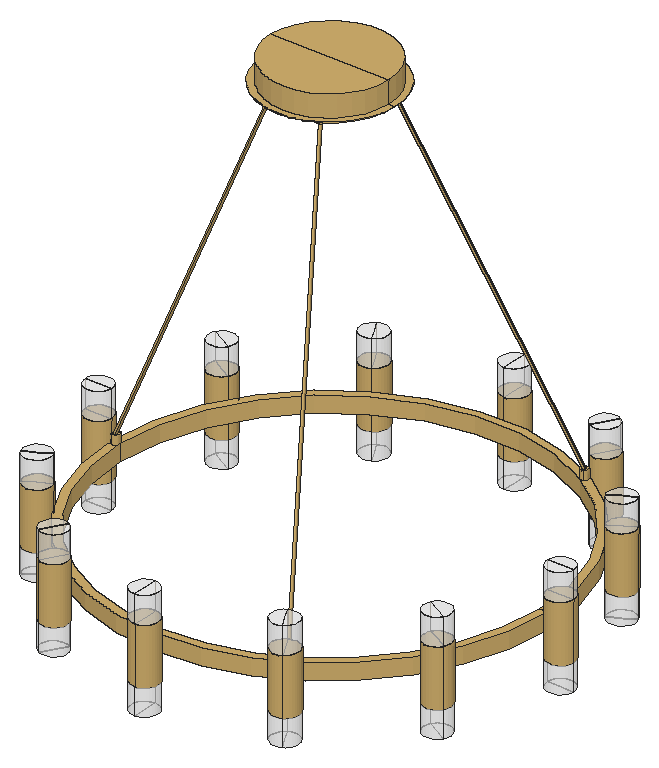
Revit family "3-6095-xx Alarum pendant", category Luminarias, Revit 2021
Family settings
  Anfitrión = Techo
  Cota de conector redondo = Diámetro de uso
  Tipo de pieza = Normal
  Número OmniClass = 23.80.70.11
  Título OmniClass = Luminaries for Internal Lighting
  Siempre vertical = Sí
  Corte con vacíos al cargar = No
  Origen de luz = Sí
  Compartido = No
  Punto de cálculo de habitación = No
Parameters (values of type "3-6095-40 / Aged Brass - Matte White Acrylic")
  Pendant height [instance] = 32.10241"
  Comentarios de vataje = "55.88 W at 120 V"  # constant formula
  Wattage = 55.88 W
  built-in parameter 1150110 = 1 (stored number, unit not read)
  Voltage Input = "120 V or 277 V - 50/60 Hz"  # constant formula
  Voltage = 277 V
  URL = ""
  built-in parameter 1114217 = 1 (stored number, unit not read)
  Tilt Angle = 90.00°  # constant formula
  built-in parameter 1150109 = 1 (stored number, unit not read)
  built-in parameter 1150134 = (empty or 0)
  built-in parameter 1150113 = 1 (stored number, unit not read)
  References = "Ref. 3 = 120 V / Ref. 37 = 277 V"  # constant formula
  Archivo de red fotométrica = "3-6095-15 Alarum 20 Lt Pendant.ies"
  Modelo = "3-6095-xxx Alarun (Pendant)"  # constant formula
  Metal Finish = 40 - Aged Brass
  Fabricante = "Oxygen Lighting"  # constant formula
  Main Diffuser = Matte White Acrylic
  Lumens = 3336.04 lm
  built-in parameter 1150115 = 1 (stored number, unit not read)
  built-in parameter 1150105 = 265.47 (stored number, unit not read)
  built-in parameter 1150137 = (empty or 0)
  built-in parameter 1150139 = (empty or 0)
  built-in parameter 1150112 = 1 (stored number, unit not read)
  built-in parameter 1150114 = 1 (stored number, unit not read)
  Lámpara = "LED"  # constant formula
  built-in parameter 1150132 = (empty or 0)
  built-in parameter 1150102 = (empty or 0)
  built-in parameter 1150138 = (empty or 0)
  built-in parameter 1150107 = 3000 (stored number, unit not read)
  built-in parameter 1150106 = 2.6547 (stored number, unit not read)
  built-in parameter 1150104 = 5.5463 (stored number, unit not read)
  Dimming Lamp Color Temperature Shift = (empty or 0)
  Default Elevation = 0.00"
  Color Filter = 16777215
  built-in parameter 1114218 = 1 (stored number, unit not read)
  built-in parameter 1150133 = 10 (stored number, unit not read)
Types (3): name | Metal Finish
  (no name) | 40 - Aged Brass
  3-6095-15 / Black - Matte White Acrylic | 15 - Black
  3-6095-40 / Aged Brass - Matte White Acrylic | 40 - Aged Brass
Reference planes (in)
  plane 1 "Light Source Axis (F/B)": y = 0
  plane 2 "Ceiling": z = 96
  plane 3 "Light Source Axis (L/R)": x = 0
  plane 4 "Light Source Elevation": z = 63.89759
  plane 5: z = 65.07696
  plane 6: z = 93.75989
  plane 7: z = 65.70503
Forms (in)
  Revolve 1, solid, material "40 - Aged Brass" <- "Metal Finish"
    sketch origin (0, 0, 0) x (1, 0, 0) y (0, 0, 1)
      loop
        line (0, 96) -> (0, 94.38795) -> (4.81366, 94.38795) -> (4.81366, 94.42772) -> (4.32321, 94.42772) -> (4.32321, 96) -> (0, 96)
      axis (0, 96) -> (0, 94.38795)
    angle from 0 to 360
  Revolve 2, solid, material "40 - Aged Brass" <- "Metal Finish"
    sketch origin (0, 0, 0) x (1, 0, 0) y (0, 0, 1)
      loop
        line (-3.29038, 93.75989) -> (-3.29038, 94.38489) -> (-3.56603, 94.38489) -> (-3.56603, 93.75989) -> (-3.29038, 93.75989)
      axis (-3.56603, 93.75989) -> (-3.56603, 94.38489)
    angle from 0 to 360
  Revolve 3, solid, material "40 - Aged Brass" <- "Metal Finish"
    sketch origin (0, 0, 0) x (-0.5, 0.866025, 0) y (0, 0, 1)
      loop
        line (-3.29038, 93.75989) -> (-3.29038, 94.38489) -> (-3.56603, 94.38489) -> (-3.56603, 93.75989) -> (-3.29038, 93.75989)
      axis (-3.56603, 93.75989) -> (-3.56603, 94.38489)
    angle from 0 to 360
  Revolve 4, solid, material "40 - Aged Brass" <- "Metal Finish"
    sketch origin (0, 0, 0) x (-0.5, -0.866025, 0) y (0, 0, 1)
      loop
        line (-3.29038, 93.75989) -> (-3.29038, 94.38489) -> (-3.56603, 94.38489) -> (-3.56603, 93.75989) -> (-3.29038, 93.75989)
      axis (-3.56603, 93.75989) -> (-3.56603, 94.38489)
    angle from 0 to 360
  Blend 5, solid, material "40 - Aged Brass" <- "Metal Finish"
    base sketch origin (0, 0, 96) x (1, 0, 0) y (0, 1, 0)
      loop
        circle (1.78302, 3.08828) r 0.09256
    top sketch origin (0, 0, 96) x (1, 0, 0) y (0, 1, 0)
      loop
        circle (7.85323, 13.59075) r 0.09256
    from -2.24011 to -30.29497
  Revolve 6, solid, material "40 - Aged Brass" <- "Metal Finish"
    sketch origin (6.08157, 16.67767, -27.71802) x (-0.5, 0.866025, 0) y (0, 0, 1)
      loop
        line (-3.29038, 92.79498) -> (-3.29038, 93.42305) -> (-3.56603, 93.42305) -> (-3.56603, 92.79498) -> (-3.29038, 92.79498)
      axis (-3.56603, 92.79498) -> (-3.56603, 93.42305)
    angle from 0 to 360
  Blend 7, solid, material "40 - Aged Brass" <- "Metal Finish"
    base sketch origin (0, 0, 96) x (-0.5, -0.866025, 0) y (0.866025, -0.5, 0)
      loop
        circle (1.78302, 3.08828) r 0.09256
    top sketch origin (0, 0, 96) x (-0.5, -0.866025, 0) y (0.866025, -0.5, 0)
      loop
        circle (7.86391, 13.58705) r 0.09256
    from -2.24011 to -30.29497
  Revolve 8, solid, material "40 - Aged Brass" <- "Metal Finish"
    sketch origin (11.40478, -13.60913, -27.71802) x (1, 0, 0) y (0, 0, 1)
      loop
        line (-3.29038, 92.79498) -> (-3.29038, 93.42305) -> (-3.56603, 93.42305) -> (-3.56603, 92.79498) -> (-3.29038, 92.79498)
      axis (-3.56603, 92.79498) -> (-3.56603, 93.42305)
    angle from 0 to 360
  Blend 9, solid, material "40 - Aged Brass" <- "Metal Finish"
    base sketch origin (0, 0, 96) x (-0.5, 0.866025, 0) y (-0.866025, -0.5, 0)
      loop
        circle (1.78302, 3.08828) r 0.09256
    top sketch origin (0, 0, 96) x (-0.5, 0.866025, 0) y (-0.866025, -0.5, 0)
      loop
        circle (7.87042, 13.63196) r 0.09256
    from -2.24011 to -30.29497
  Revolve 10, solid, material "40 - Aged Brass" <- "Metal Finish"
    sketch origin (-17.51529, -3.08404, -27.71802) x (-0.5, -0.866025, 0) y (0, 0, 1)
      loop
        line (-3.29038, 92.79498) -> (-3.29038, 93.42305) -> (-3.56603, 93.42305) -> (-3.56603, 92.79498) -> (-3.29038, 92.79498)
      axis (-3.56603, 92.79498) -> (-3.56603, 93.42305)
    angle from 0 to 360
Lines and regions (in)
  symbolic lines
    curve 1: line (-17.5, 13.77739, 0) -> (17.5, 13.77739, 0)
Dimensions and locks (in)
  equal spacing: host sketch curve, plane 3 "Light Source Axis (L/R)", host sketch curve
  equal spacing: host sketch curve, plane 1 "Light Source Axis (F/B)", host sketch curve
  host sketch curve to host sketch curve = 120.00"  (x2)
  locked: plane 5 to plane 4 "Light Source Elevation" at 1.17937
  locked: plane 2 "Ceiling" to plane 6 at 2.24011
  locked: plane 7 to plane 5 at 0.62807
  "Pendant height": plane 2 "Ceiling" to plane 4 "Light Source Elevation"
  aligned and locked: plane 4 "Light Source Elevation" to imposter light
  aligned and locked: imposter light to plane 3 "Light Source Axis (L/R)"
  aligned and locked: imposter light to plane 1 "Light Source Axis (F/B)"
  aligned and locked: plane 4 "Light Source Elevation" to nested 1
  aligned and locked: plane 3 "Light Source Axis (L/R)" to nested 1
  aligned and locked: Blend 5 to plane 6
  aligned and locked: Blend 5 to plane 7
  aligned and locked: Revolve 6 to plane 5
  aligned and locked: plane 7 to Revolve 6
  aligned and locked: Revolve 10 to plane 5
  aligned and locked: plane 7 to Revolve 10
  aligned and locked: Blend 9 to plane 7
  aligned and locked: Revolve 8 to plane 5
  aligned and locked: plane 7 to Revolve 8
  aligned and locked: Blend 7 to plane 7
  aligned and locked: plane 1 "Light Source Axis (F/B)" to nested 1
Automatic sketch dimensions
  curve 1 to plane 3 "Light Source Axis (L/R)" = 17.50"
  curve 1 to plane 1 "Light Source Axis (F/B)" = 13.77739"
  plane 3 "Light Source Axis (L/R)" to curve 1 = 17.50"
  Revolve 1 sketch curve to plane 3 "Light Source Axis (L/R)" = 0.00"  (x2)
  Revolve 1 sketch curve to plane 2 "Ceiling" = 0.00"
  Revolve 1 sketch curve to plane 6 = 0.66784"
  plane 3 "Light Source Axis (L/R)" to Revolve 1 sketch curve = 4.32321"
  Revolve 1 sketch curve to Revolve 1 sketch curve = 0.49045"
  Revolve 1 sketch curve to plane 6 = 0.62807"
  plane 4 "Light Source Elevation" to Revolve 1 sketch curve = 28.64759"
  Revolve 1 sketch curve to Revolve 1 sketch curve = 4.25"
  Revolve 2 sketch curve to plane 6 = 0.00"  (x2)
  Revolve 2 sketch curve to plane 3 "Light Source Axis (L/R)" = 3.56603"
  Revolve 2 sketch curve to Revolve 2 sketch curve = 0.27565"
  Revolve 2 sketch curve to plane 6 = 0.625"
  Revolve 2 sketch curve to Revolve 2 sketch curve = 0.00"
  Revolve 2 sketch curve to Revolve 2 sketch curve = 0.625"
  Revolve 3 sketch curve to plane 6 = 0.00"  (x2)
  Revolve 3 sketch curve to Revolve 3 sketch curve = 0.27565"
  Revolve 3 sketch curve to plane 6 = 0.625"
  Revolve 3 sketch curve to Revolve 3 sketch curve = 0.00"
  Revolve 3 sketch curve to Revolve 3 sketch curve = 0.625"
  Revolve 4 sketch curve to plane 6 = 0.00"  (x2)
  Revolve 4 sketch curve to Revolve 4 sketch curve = 0.27565"
  Revolve 4 sketch curve to plane 6 = 0.625"
  Revolve 4 sketch curve to Revolve 4 sketch curve = 0.00"
  Revolve 4 sketch curve to Revolve 4 sketch curve = 0.625"
  plane 3 "Light Source Axis (L/R)" to Blend 5 sketch curve = 1.78302"
  Blend 5 sketch curve to plane 1 "Light Source Axis (F/B)" = 3.08828"
  plane 3 "Light Source Axis (L/R)" to Blend 5 sketch curve = 7.85323"
  Blend 5 sketch curve to plane 1 "Light Source Axis (F/B)" = 13.59075"
  Revolve 6 sketch curve to plane 5 = 0.00"
  plane 7 to Revolve 6 sketch curve = 0.00"
  Revolve 6 sketch curve to Revolve 6 sketch curve = 0.27565"
  Revolve 6 sketch curve to Revolve 6 sketch curve = 0.00"
  plane 7 to Revolve 6 sketch curve = 0.33684"
  Revolve 6 sketch curve to Revolve 6 sketch curve = 1.25"
  plane 3 "Light Source Axis (L/R)" to Blend 7 sketch curve = 1.78302"
  plane 1 "Light Source Axis (F/B)" to Blend 7 sketch curve = 3.08828"
  plane 3 "Light Source Axis (L/R)" to Blend 7 sketch curve = 7.83478"
  plane 1 "Light Source Axis (F/B)" to Blend 7 sketch curve = 13.60387"
  Revolve 8 sketch curve to plane 5 = 0.00"
  Revolve 8 sketch curve to plane 7 = 0.00"
  plane 3 "Light Source Axis (L/R)" to Revolve 8 sketch curve = 7.83875"
  Revolve 8 sketch curve to Revolve 8 sketch curve = 0.27565"
  Revolve 8 sketch curve to Revolve 8 sketch curve = 0.00"
  Revolve 8 sketch curve to Revolve 8 sketch curve = 0.33684"
  Revolve 8 sketch curve to Revolve 8 sketch curve = 1.25"
  plane 1 "Light Source Axis (F/B)" to Blend 9 sketch curve = 0.00"  (x2)
  Blend 9 sketch curve to plane 3 "Light Source Axis (L/R)" = 3.56603"
  Blend 9 sketch curve to plane 3 "Light Source Axis (L/R)" = 15.74083"
  Revolve 10 sketch curve to plane 5 = 0.00"
  plane 7 to Revolve 10 sketch curve = 0.00"
  Revolve 10 sketch curve to Revolve 10 sketch curve = 0.27565"
  Revolve 10 sketch curve to Revolve 10 sketch curve = 0.00"
  Revolve 10 sketch curve to Revolve 10 sketch curve = 0.33684"
  Revolve 10 sketch curve to Revolve 10 sketch curve = 1.25"
  radius of Blend 5 sketch curve = 0.09256"  (x2)
  radius of Blend 7 sketch curve = 0.09256"  (x2)
  radius of Blend 9 sketch curve = 0.09256"  (x2)
Nested families (in)
  nested 1: "Familia1" at (0, 0, 63.89759), type "Familia1"
Connectors (in)
  electrical at (0, 0, 96), driven by "Voltage"
    settings: on host ceiling, index 1, voltage 277 V, apparent load 0 VA, apparent load phase1 0 VA, apparent load phase2 0 VA, apparent load phase3 0 VA, power factor 1, load classification "Other", number of poles 1, system type 31, power factor state 1, is connector primary yes, connector utility no, sub classification motor no, connector description ""
Definition of nested family "Familia1"
  Parameters (values of type "Familia1")
    met = none
    dif = none
    Default Elevation = 0.00"
  Reference planes (in)
    plane 1 "Center (Front/Back)": y = 0
    plane 2: z = 0
    plane 3 "Center (Left/Right)": x = 0
  Forms (in)
    Revolve 1, solid, material <- "met"
      sketch origin (0, 0, -63.94057) x (1, 0, 0) y (0, 0, 1)
        loop
          line (-16.01227, 65.11995) -> (-16.01227, 63.94057) -> (-15.41475, 63.94057) -> (-15.41475, 65.11995) -> (-16.01227, 65.11995)
        axis (0, 65.11995) -> (0, 63.94057)
      angle from 0 to 360
    Revolve 2, solid, material <- "met"
      sketch origin (0, 0, -63.94057) x (1, 0, 0) y (0, 0, 1)
        loop
          line (-16.01227, 62.4681) -> (-16.01227, 66.59242) -> (-16.99275, 66.59242) -> (-16.99275, 62.4681) -> (-16.01227, 62.4681)
        axis (-16.99275, 66.59242) -> (-16.99275, 62.4681)
      angle from 0 to 360
    Revolve 3, solid, material <- "dif"
      sketch origin (0, 0, -63.94057) x (1, 0, 0) y (0, 0, 1)
        loop
          line (-16.99275, 68.56037) -> (-16.99275, 66.59242) -> (-16.01227, 66.59242) -> (-16.01227, 68.56037) -> (-16.99275, 68.56037)
        loop
          line (-16.01227, 62.4681) -> (-16.99275, 62.4681) -> (-16.99275, 60.50015) -> (-16.01227, 60.50015) -> (-16.01227, 62.4681)
        axis (-16.99275, 60.50015) -> (-16.99275, 68.56037)
      angle from 0 to 360
    Revolve 4, solid, material <- "met"
      sketch origin (0, 0, -63.94057) x (0.866025, -0.5, 0) y (0, 0, 1)
        loop
          line (-16.01227, 62.4681) -> (-16.01227, 66.59242) -> (-16.99275, 66.59242) -> (-16.99275, 62.4681) -> (-16.01227, 62.4681)
        axis (-16.99275, 66.59242) -> (-16.99275, 62.4681)
      angle from 0 to 360
    Revolve 5, solid, material <- "dif"
      sketch origin (0, 0, -63.94057) x (0.866025, -0.5, 0) y (0, 0, 1)
        loop
          line (-16.99275, 68.56037) -> (-16.99275, 66.59242) -> (-16.01227, 66.59242) -> (-16.01227, 68.56037) -> (-16.99275, 68.56037)
        loop
          line (-16.01227, 62.4681) -> (-16.99275, 62.4681) -> (-16.99275, 60.50015) -> (-16.01227, 60.50015) -> (-16.01227, 62.4681)
        axis (-16.99275, 60.50015) -> (-16.99275, 68.56037)
      angle from 0 to 360
    Revolve 6, solid, material <- "met"
      sketch origin (0, 0, -63.94057) x (0.866025, 0.5, 0) y (0, 0, 1)
        loop
          line (-16.01227, 62.4681) -> (-16.01227, 66.59242) -> (-16.99275, 66.59242) -> (-16.99275, 62.4681) -> (-16.01227, 62.4681)
        axis (-16.99275, 66.59242) -> (-16.99275, 62.4681)
      angle from 0 to 360
    Revolve 7, solid, material <- "dif"
      sketch origin (0, 0, -63.94057) x (0.866025, 0.5, 0) y (0, 0, 1)
        loop
          line (-16.99275, 68.56037) -> (-16.99275, 66.59242) -> (-16.01227, 66.59242) -> (-16.01227, 68.56037) -> (-16.99275, 68.56037)
        loop
          line (-16.01227, 62.4681) -> (-16.99275, 62.4681) -> (-16.99275, 60.50015) -> (-16.01227, 60.50015) -> (-16.01227, 62.4681)
        axis (-16.99275, 60.50015) -> (-16.99275, 68.56037)
      angle from 0 to 360
    Revolve 8, solid, material <- "met"
      sketch origin (0, 0, -63.94057) x (0.5, 0.866025, 0) y (0, 0, 1)
        loop
          line (-16.01227, 62.4681) -> (-16.01227, 66.59242) -> (-16.99275, 66.59242) -> (-16.99275, 62.4681) -> (-16.01227, 62.4681)
        axis (-16.99275, 66.59242) -> (-16.99275, 62.4681)
      angle from 0 to 360
    Revolve 9, solid, material <- "dif"
      sketch origin (0, 0, -63.94057) x (0.5, 0.866025, 0) y (0, 0, 1)
        loop
          line (-16.99275, 68.56037) -> (-16.99275, 66.59242) -> (-16.01227, 66.59242) -> (-16.01227, 68.56037) -> (-16.99275, 68.56037)
        loop
          line (-16.01227, 62.4681) -> (-16.99275, 62.4681) -> (-16.99275, 60.50015) -> (-16.01227, 60.50015) -> (-16.01227, 62.4681)
        axis (-16.99275, 60.50015) -> (-16.99275, 68.56037)
      angle from 0 to 360
    Revolve 10, solid, material <- "met"
      sketch origin (0, 0, -63.94057) x (0, 1, 0) y (0, 0, 1)
        loop
          line (-16.01227, 62.4681) -> (-16.01227, 66.59242) -> (-16.99275, 66.59242) -> (-16.99275, 62.4681) -> (-16.01227, 62.4681)
        axis (-16.99275, 66.59242) -> (-16.99275, 62.4681)
      angle from 0 to 360
    Revolve 11, solid, material <- "dif"
      sketch origin (0, 0, -63.94057) x (0, 1, 0) y (0, 0, 1)
        loop
          line (-16.99275, 68.56037) -> (-16.99275, 66.59242) -> (-16.01227, 66.59242) -> (-16.01227, 68.56037) -> (-16.99275, 68.56037)
        loop
          line (-16.01227, 62.4681) -> (-16.99275, 62.4681) -> (-16.99275, 60.50015) -> (-16.01227, 60.50015) -> (-16.01227, 62.4681)
        axis (-16.99275, 60.50015) -> (-16.99275, 68.56037)
      angle from 0 to 360
    Revolve 12, solid, material <- "met"
      sketch origin (0, 0, -63.94057) x (-0.5, 0.866025, 0) y (0, 0, 1)
        loop
          line (-16.01227, 62.4681) -> (-16.01227, 66.59242) -> (-16.99275, 66.59242) -> (-16.99275, 62.4681) -> (-16.01227, 62.4681)
        axis (-16.99275, 66.59242) -> (-16.99275, 62.4681)
      angle from 0 to 360
    Revolve 13, solid, material <- "dif"
      sketch origin (0, 0, -63.94057) x (-0.5, 0.866025, 0) y (0, 0, 1)
        loop
          line (-16.99275, 68.56037) -> (-16.99275, 66.59242) -> (-16.01227, 66.59242) -> (-16.01227, 68.56037) -> (-16.99275, 68.56037)
        loop
          line (-16.01227, 62.4681) -> (-16.99275, 62.4681) -> (-16.99275, 60.50015) -> (-16.01227, 60.50015) -> (-16.01227, 62.4681)
        axis (-16.99275, 60.50015) -> (-16.99275, 68.56037)
      angle from 0 to 360
    Revolve 14, solid, material <- "met"
      sketch origin (0, 0, -63.94057) x (-0.866025, 0.5, 0) y (0, 0, 1)
        loop
          line (-16.01227, 62.4681) -> (-16.01227, 66.59242) -> (-16.99275, 66.59242) -> (-16.99275, 62.4681) -> (-16.01227, 62.4681)
        axis (-16.99275, 66.59242) -> (-16.99275, 62.4681)
      angle from 0 to 360
    Revolve 15, solid, material <- "dif"
      sketch origin (0, 0, -63.94057) x (-0.866025, 0.5, 0) y (0, 0, 1)
        loop
          line (-16.99275, 68.56037) -> (-16.99275, 66.59242) -> (-16.01227, 66.59242) -> (-16.01227, 68.56037) -> (-16.99275, 68.56037)
        loop
          line (-16.01227, 62.4681) -> (-16.99275, 62.4681) -> (-16.99275, 60.50015) -> (-16.01227, 60.50015) -> (-16.01227, 62.4681)
        axis (-16.99275, 60.50015) -> (-16.99275, 68.56037)
      angle from 0 to 360
    Revolve 16, solid, material <- "met"
      sketch origin (0, 0, -63.94057) x (-1, 0, 0) y (0, 0, 1)
        loop
          line (-16.01227, 62.4681) -> (-16.01227, 66.59242) -> (-16.99275, 66.59242) -> (-16.99275, 62.4681) -> (-16.01227, 62.4681)
        axis (-16.99275, 66.59242) -> (-16.99275, 62.4681)
      angle from 0 to 360
    Revolve 17, solid, material <- "dif"
      sketch origin (0, 0, -63.94057) x (-1, 0, 0) y (0, 0, 1)
        loop
          line (-16.99275, 68.56037) -> (-16.99275, 66.59242) -> (-16.01227, 66.59242) -> (-16.01227, 68.56037) -> (-16.99275, 68.56037)
        loop
          line (-16.01227, 62.4681) -> (-16.99275, 62.4681) -> (-16.99275, 60.50015) -> (-16.01227, 60.50015) -> (-16.01227, 62.4681)
        axis (-16.99275, 60.50015) -> (-16.99275, 68.56037)
      angle from 0 to 360
    Revolve 18, solid, material <- "met"
      sketch origin (0, 0, -63.94057) x (-0.866025, -0.5, 0) y (0, 0, 1)
        loop
          line (-16.01227, 62.4681) -> (-16.01227, 66.59242) -> (-16.99275, 66.59242) -> (-16.99275, 62.4681) -> (-16.01227, 62.4681)
        axis (-16.99275, 66.59242) -> (-16.99275, 62.4681)
      angle from 0 to 360
    Revolve 19, solid, material <- "dif"
      sketch origin (0, 0, -63.94057) x (-0.866025, -0.5, 0) y (0, 0, 1)
        loop
          line (-16.99275, 68.56037) -> (-16.99275, 66.59242) -> (-16.01227, 66.59242) -> (-16.01227, 68.56037) -> (-16.99275, 68.56037)
        loop
          line (-16.01227, 62.4681) -> (-16.99275, 62.4681) -> (-16.99275, 60.50015) -> (-16.01227, 60.50015) -> (-16.01227, 62.4681)
        axis (-16.99275, 60.50015) -> (-16.99275, 68.56037)
      angle from 0 to 360
    Revolve 20, solid, material <- "met"
      sketch origin (0, 0, -63.94057) x (-0.5, -0.866025, 0) y (0, 0, 1)
        loop
          line (-16.01227, 62.4681) -> (-16.01227, 66.59242) -> (-16.99275, 66.59242) -> (-16.99275, 62.4681) -> (-16.01227, 62.4681)
        axis (-16.99275, 66.59242) -> (-16.99275, 62.4681)
      angle from 0 to 360
    Revolve 21, solid, material <- "dif"
      sketch origin (0, 0, -63.94057) x (-0.5, -0.866025, 0) y (0, 0, 1)
        loop
          line (-16.99275, 68.56037) -> (-16.99275, 66.59242) -> (-16.01227, 66.59242) -> (-16.01227, 68.56037) -> (-16.99275, 68.56037)
        loop
          line (-16.01227, 62.4681) -> (-16.99275, 62.4681) -> (-16.99275, 60.50015) -> (-16.01227, 60.50015) -> (-16.01227, 62.4681)
        axis (-16.99275, 60.50015) -> (-16.99275, 68.56037)
      angle from 0 to 360
    Revolve 22, solid, material <- "met"
      sketch origin (0, 0, -63.94057) x (0, -1, 0) y (0, 0, 1)
        loop
          line (-16.01227, 62.4681) -> (-16.01227, 66.59242) -> (-16.99275, 66.59242) -> (-16.99275, 62.4681) -> (-16.01227, 62.4681)
        axis (-16.99275, 66.59242) -> (-16.99275, 62.4681)
      angle from 0 to 360
    Revolve 23, solid, material <- "dif"
      sketch origin (0, 0, -63.94057) x (0, -1, 0) y (0, 0, 1)
        loop
          line (-16.99275, 68.56037) -> (-16.99275, 66.59242) -> (-16.01227, 66.59242) -> (-16.01227, 68.56037) -> (-16.99275, 68.56037)
        loop
          line (-16.01227, 62.4681) -> (-16.99275, 62.4681) -> (-16.99275, 60.50015) -> (-16.01227, 60.50015) -> (-16.01227, 62.4681)
        axis (-16.99275, 60.50015) -> (-16.99275, 68.56037)
      angle from 0 to 360
    Revolve 24, solid, material <- "met"
      sketch origin (0, 0, -63.94057) x (0.5, -0.866025, 0) y (0, 0, 1)
        loop
          line (-16.01227, 62.4681) -> (-16.01227, 66.59242) -> (-16.99275, 66.59242) -> (-16.99275, 62.4681) -> (-16.01227, 62.4681)
        axis (-16.99275, 66.59242) -> (-16.99275, 62.4681)
      angle from 0 to 360
    Revolve 25, solid, material <- "dif"
      sketch origin (0, 0, -63.94057) x (0.5, -0.866025, 0) y (0, 0, 1)
        loop
          line (-16.99275, 68.56037) -> (-16.99275, 66.59242) -> (-16.01227, 66.59242) -> (-16.01227, 68.56037) -> (-16.99275, 68.56037)
        loop
          line (-16.01227, 62.4681) -> (-16.99275, 62.4681) -> (-16.99275, 60.50015) -> (-16.01227, 60.50015) -> (-16.01227, 62.4681)
        axis (-16.99275, 60.50015) -> (-16.99275, 68.56037)
      angle from 0 to 360
    Revolve 26, solid, material <- "met", not visible
      sketch origin (62.92501, 4.46564, 0) x (1, 0, 0) y (0, 0, 1)
        loop
          line (-16.01227, 62.4681) -> (-16.01227, 66.59242) -> (-16.99275, 66.59242) -> (-16.99275, 62.4681) -> (-16.01227, 62.4681)
        axis (-16.99275, 66.59242) -> (-16.99275, 62.4681)
      angle from 0 to 360
    Revolve 27, solid, material <- "dif", not visible
      sketch origin (62.92501, 4.46564, 0) x (1, 0, 0) y (0, 0, 1)
        loop
          line (-16.99275, 68.56037) -> (-16.99275, 66.59242) -> (-16.01227, 66.59242) -> (-16.01227, 68.56037) -> (-16.99275, 68.56037)
        loop
          line (-16.01227, 62.4681) -> (-16.99275, 62.4681) -> (-16.99275, 60.50015) -> (-16.01227, 60.50015) -> (-16.01227, 62.4681)
        axis (-16.99275, 60.50015) -> (-16.99275, 68.56037)
      angle from 0 to 360
  Dimensions and locks (in)
    aligned and locked: level to plane 2
